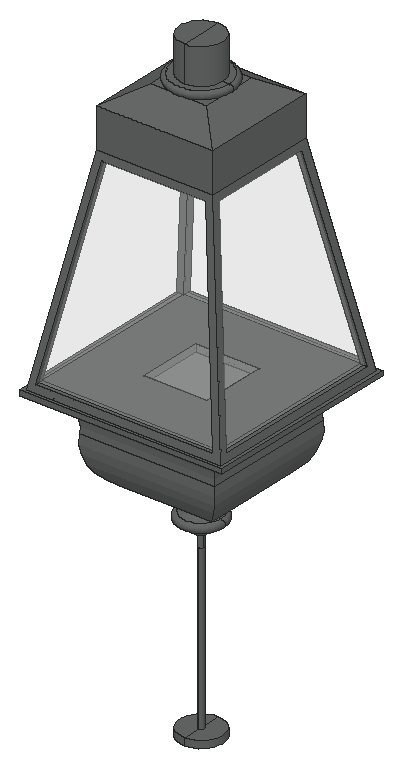
Revit family "TRA30-PM", category Lighting Fixtures, host Face, Revit 2021
Family settings
  Host = Face
  Round Connector Dimension = Use Diameter
  Part Type = Normal
  OmniClass Number = 23.80.70.11
  OmniClass Title = Luminaries for Internal Lighting
  Cut with Voids When Loaded = No
  Light Source = Yes
  Shared = No
  Room Calculation Point = No
Parameters (values of type "TRA30")
  Wattage Comments = "55-136 W"
  Wattage = 136 W
  built-in parameter 1150110 = 1 (stored number, unit not read)
  Voltage = 120 V
  URL = "https://www.currentlighting.com/beacon"
  built-in parameter 1114217 = 1 (stored number, unit not read)
  Tilt Angle = 90.00°
  built-in parameter 1150109 = 1 (stored number, unit not read)
  built-in parameter 1150134 = 3
  built-in parameter 1150113 = 1 (stored number, unit not read)
  Product Page URL = ""
  Product Documentation Link = ""
  Photometric Web File = "TRA30-AC-60NB-136-5K-UNV-DIR5.ies"
  Mounting Height [instance] = 12.000"
  Model = "Traditional-PM"  # constant formula
  Manufacturer = "Beacon Products"  # constant formula
  built-in parameter 1150105 = 1607.6 (stored number, unit not read)
  Lumens = 20201.7 lm
  built-in parameter 1150115 = 1 (stored number, unit not read)
  built-in parameter 1150137 = (empty or 0)
  built-in parameter 1150139 = (empty or 0)
  Light Bulb Material = Glass
  built-in parameter 1150112 = 1 (stored number, unit not read)
  built-in parameter 1150114 = 1 (stored number, unit not read)
  Lamp = "LED Array"
  built-in parameter 1150132 = (empty or 0)
  built-in parameter 1150102 = (empty or 0)
  built-in parameter 1150107 = 3200 (stored number, unit not read)
  built-in parameter 1150138 = (empty or 0)
  built-in parameter 1150106 = 16.076 (stored number, unit not read)
  Finish = Paint - Basic Black Textured
  Emit from Rectangle Width = 4.000"  # constant formula
  Emit from Rectangle Length = 4.000"  # constant formula
  Emit Shape Visible in Rendering = no
  built-in parameter 1150104 = 13.8 (stored number, unit not read)
  Dimming Lamp Color Temperature Shift = <None>
  Description = "30 Inch Traditional Luminaire"  # constant formula
  Default Elevation = 48.000"
  Color Filter = 16777215
  built-in parameter 1114218 = 1 (stored number, unit not read)
  built-in parameter 1150133 = 10 (stored number, unit not read)
  Apparent Load = 0 VA
Reference planes (in)
  plane 1 "Center (Front/Back)": y = 0.03999
  plane 2: z = 0
  plane 3 "Center (Left/Right)": x = 0.00649
  plane 4: z = 12
  plane 5: y = 1.53999
  plane 6: y = -1.46001
  plane 7: z = 44.5
  plane 8: z = 42
  plane 9: y = -0.16001
  plane 10: z = 0.5
  plane 11: z = 23
Forms (in)
  Revolve 1, solid, material "Paint - Basic Black Textured" <- "Finish"
    sketch origin (0.00649, 0, 0) x (0, 1, 0) y (0, 0, 1)
      loop
        line (0.03999, 12) -> (-0.16001, 12) -> (-0.16001, 0.5) -> (-1.46001, 0.5) -> (-1.46001, 0) -> (0.03999, 0) -> (0.03999, 0.5) -> (0.03999, 12)
      loop
        line (0.03999, 44.5) -> (-1.46001, 44.5) -> (-1.46001, 42) -> (0.03999, 42) -> (0.03999, 44.5)
      axis (0.03999, 44.5) -> (0.03999, 0)
    angle from 0 to 360
Dimensions and locks (in)
  host sketch curve to plane 1 "Center (Front/Back)" to host sketch curve = 48.03999", 47.96001"
  host sketch curve to plane 3 "Center (Left/Right)" to host sketch curve = 48.00649", 47.99351"
  "Mounting Height": plane 4 to plane 2
  equal spacing: plane 5, plane 1 "Center (Front/Back)", plane 6
  locked: plane 5 to plane 1 "Center (Front/Back)" at 1.5
  locked: plane 7 to plane 4 at 32.5
  locked: plane 7 to plane 8 at 2.5
  locked: plane 10 to plane 2 at 0.5
  locked: plane 1 "Center (Front/Back)" to plane 9 at 0.2
  locked: plane 11 to plane 4 at 11
  aligned and locked: plane 2 to host face
  aligned and locked: level to host face
  aligned and locked: plane 1 "Center (Front/Back)" to Revolve 1 sketch curve
  aligned and locked: plane 4 to Revolve 1 sketch curve
  aligned and locked: Revolve 1 sketch curve to plane 1 "Center (Front/Back)"  (x2)
  aligned and locked: plane 9 to Revolve 1 sketch curve
  aligned and locked: Revolve 1 sketch curve to Revolve 1 sketch curve
  aligned and locked: Revolve 1 sketch curve to level
  aligned and locked: plane 6 to Revolve 1 sketch curve  (x2)
  aligned and locked: plane 7 to Revolve 1 sketch curve
  aligned and locked: Revolve 1 sketch curve to plane 8
  aligned and locked: plane 1 "Center (Front/Back)" to nested 1
  aligned and locked: plane 3 "Center (Left/Right)" to nested 1
  aligned and locked: plane 3 "Center (Left/Right)" to imposter light
  aligned and locked: plane 11 to nested 1
  aligned and locked: imposter light to plane 1 "Center (Front/Back)"
  aligned and locked: nested 1 to plane 11
  aligned and locked: plane 11 to imposter light
Automatic sketch dimensions
  Revolve 1 sketch curve to plane 10 = 0.000"  (x2)
  plane 4 to Revolve 1 sketch curve = 2.000"
  plane 7 to Revolve 1 sketch curve = 25.000"
Nested families (in)
  nested 1: "Traditional" at (0.04648, 0.04648, 42) x (0, -1, 0) z (0, 0, -1), Finish <- "Finish", type "Traditional"
    with Finish Paint - Basic Black Textured
Connectors (in)
  electrical at (0, 0, 0), driven by "Voltage", driven by "Description"
    settings: on host face, index 1, voltage 120 V, apparent load 0 VA, apparent load phase1 0 VA, apparent load phase2 0 VA, apparent load phase3 0 VA, power factor 1, load classification "Other", number of poles 1, system type 30, power factor state 1, is connector primary yes, connector utility no, sub classification motor no, connector description "30 Inch Traditional Luminaire"
Definition of nested family "Traditional"
  Parameters
    Wattage Comments = "55 W"
    Voltage = 120 V
    URL = "http://www.beaconproducts.com/"
    Product Page URL = "http://www.beaconproducts.com/products/tivoli"
    Product Documentation Link = "http://www.beaconproducts.com/content/products/specs/specs_files/TIV_37_LED_spec_sheet.pdf"
    Model = "Tivoli"  # constant formula
    Manufacturer Phone = "(800)-345-4928"  # constant formula
    Manufacturer Fax = "(941)-751-5535"  # constant formula
    Manufacturer = "Beacon Lighting"  # constant formula
    Light Bulb Material = none
    Lamp = "LED Lamp"
    Finish [instance] = none
    Description = "OpenÊorÊlensedÊbottomÊavailableÊwhenÊconfiguredÊpendantÊoption,ÊconsultÊ\r\nfactory"  # constant formula
    Default Elevation = 48.000"
    Apparent Load = 0 VA
  Reference planes (in)
    plane 1 "Center (Front/Back)": y = 0.03999
    plane 2: z = 0
    plane 3 "Center (Left/Right)": x = 0.00649
    plane 4: z = 0
    plane 5: z = 32.5
    plane 6: z = 3
    plane 7: z = 23.5
    plane 8: z = 8
    plane 9: x = -7.11851
    plane 10: x = 7.13149
    plane 11: y = 7.16499
    plane 12: y = -7.08501
    plane 13: z = 30
    plane 14: z = 19
  Forms (in)
    Extrusion 1, solid
      sketch origin (0, 0, 0.06357) x (1, 0, 0) y (0, 1, 0)
        loop
          line (-48, 48) -> (-48, -48) -> (48, -48) -> (48, 48) -> (-48, 48)
      from -0.06357 to -17.74365
    Sweep 2, solid, material <- "Finish"
      path origin (0, 0, 0) x (1, 0, 0) y (0, 1, 0)
        loop
          line (-7.11851, 7.16499) -> (-7.11851, -7.08501) -> (7.13149, -7.08501) -> (7.13149, 7.16499) -> (-7.11851, 7.16499)
      profile origin (0.00649, 7.16499, 0) x (0, 1, 0) y (0, 0, 1)
        loop
          line (-5.13216, 0.5) -> (-3.02272, 1.69933) -> (-3.02272, 4.5) -> (-0.25, 19.5) -> (0, 19.5) -> (0, 19.82595)
          arc (0, 19.82595) -> (-1.80708, 20.60847) -> (-2.35428, 22.50014) r 2.31025
          arc (-2.35428, 22.50014) -> (-2.95257, 25.00112) -> (-5.14626, 26.34297) r 3.35333
          line (-5.14626, 26.34297) -> (-5.59406, 26.34297) -> (-5.59406, 26.5) -> (-6.02272, 26.5) -> (-6.02272, 0.5) -> (-5.13216, 0.5)
    Extrusion 3, solid, material <- "Finish"
      sketch origin (0, 0, 0) x (1, 0, 0) y (0, 1, 0)
        loop
          line (-1.09579, 1.14227) -> (-1.09579, -1.06229) -> (1.10877, -1.06229) -> (1.10877, 1.14227) -> (-1.09579, 1.14227)
      from 0.5 to 26.5
    Revolve 4, solid, material <- "Finish"
      sketch origin (0.00649, 0, 0) x (0, 1, 0) y (0, 0, 1)
        loop
          line (2.03283, 0.5) -> (0.03999, 0.5) -> (0.03999, 0) -> (2.03283, 0)
          arc (2.03283, 0) -> (2.28283, 0.25) -> (2.03283, 0.5) r 0.25
        axis (0.03999, 0.5) -> (0.03999, 0)
      angle from 0 to 360
    Revolve 5, solid, material <- "Finish"
      sketch origin (0.00649, 0, 0) x (0, 1, 0) y (0, 0, 1)
        loop
          line (1.57094, 26.5) -> (1.57094, 26.80653) -> (1.41766, 26.80653)
          arc (1.41766, 26.80653) -> (0.91766, 27.30653) -> (1.41766, 27.80653) r 0.5
          arc (1.41766, 27.80653) -> (1.69898, 28.08784) -> (1.41766, 28.36916) r 0.28131
          line (1.41766, 28.36916) -> (1.16766, 28.36916) -> (0.45074, 29.08608) -> (0.23974, 29.08608) -> (0.23974, 30) -> (0.03999, 30) -> (0.03999, 26.5) -> (1.57094, 26.5)
        axis (0.03999, 30) -> (0.03999, 26.5)
      angle from 0 to 360
    Extrusion 6, void
      sketch origin (0.00649, 0, 0) x (0, 1, 0) y (0, 0, 1)
        loop
          line (6.3141, 19) -> (-6.23411, 19) -> (-3.64624, 5) -> (3.72622, 5) -> (6.3141, 19)
      from -7.125 to 7.125
    Extrusion 7, void
      sketch origin (0, 0.03999, 0) x (1, 0, 0) y (0, 0, 1)
        loop
          line (6.28059, 19) -> (-6.26762, 19) -> (-3.67974, 5) -> (3.69272, 5) -> (6.28059, 19)
      from -7.125 to 7.125
    Sweep 8, solid, material <- "Light Bulb Material"
      path origin (0, 0, 0) x (1, 0, 0) y (0, 1, 0)
        loop
          line (-7.11851, 7.16499) -> (-7.11851, -7.08501) -> (7.13149, -7.08501) -> (7.13149, 7.16499) -> (-7.11851, 7.16499)
      profile origin (0.00649, 7.16499, 0) x (0, 1, 0) y (0, 0, 1)
        loop
          line (-3.43877, 5) -> (-3.18453, 5) -> (-0.59666, 19) -> (-0.85089, 19) -> (-3.43877, 5)
    Extrusion 9, void
      sketch origin (0, 0, 0) x (1, 0, 0) y (0, 1, 0)
        loop
          line (-2.32619, 2.29715) -> (-2.32619, -2.20285) -> (2.31901, -2.20285) -> (2.31901, 2.29715) -> (-2.32619, 2.29715)
      from 19 to 19.5
    Extrusion 10, solid, material <- "Light Bulb Material"
      sketch origin (0, 0, 0) x (1, 0, 0) y (0, 1, 0)
        loop
          line (-2.32619, 2.29715) -> (-2.32619, -2.20285) -> (2.31901, -2.20285) -> (2.31901, 2.29715) -> (-2.32619, 2.29715)
      from 19.33574 to 19
  Cuts and joins
    Extrusion 6, Extrusion 7, Extrusion 9 cuts Sweep 2
    Extrusion 6, Extrusion 7, Extrusion 9 cuts Extrusion 3
    Extrusion 6, Extrusion 7, Extrusion 9 cuts Revolve 4
    Extrusion 6, Extrusion 7, Extrusion 9 cuts Revolve 5
    joined: Sweep 2, Extrusion 3, Revolve 4, Revolve 5
  Lines and regions (in)
    reference lines
      curve 1: line (0.00649, 22.91499, 19) -> (0.00649, -22.08501, 19)
  Dimensions and locks (in)
    Extrusion 1 sketch curve to plane 1 "Center (Front/Back)" to Extrusion 1 sketch curve = 48.03999", 47.96001"
    Extrusion 1 sketch curve to plane 3 "Center (Left/Right)" to Extrusion 1 sketch curve = 48.00649", 47.99351"
    locked: plane 6 to plane 4 at 3
    locked: plane 5 to plane 7 at 9
    locked: plane 5 to plane 4 at 32.5
    locked: plane 8 to plane 6 at 5
    equal spacing: plane 11, plane 1 "Center (Front/Back)", plane 12
    locked: plane 1 "Center (Front/Back)" to plane 12 at 7.125
    equal spacing: plane 9, plane 3 "Center (Left/Right)", plane 10
    plane 9 to plane 10 = 14.250"
    locked: plane 9 to plane 3 "Center (Left/Right)" at 7.125
    locked: plane 5 to plane 13 at 2.5
    aligned and locked: plane 2 to Extrusion 1
    aligned and locked: level to Extrusion 1
    aligned and locked: level to plane 4
    aligned and locked: Sweep 2 sketch curve to plane 11
    aligned and locked: plane 9 to Sweep 2 sketch curve
    aligned and locked: plane 12 to Sweep 2 sketch curve
    aligned and locked: Sweep 2 sketch curve to plane 10
    aligned and locked: Extrusion 3 sketch curve to Sweep 2  (x4)
    aligned and locked: plane 1 "Center (Front/Back)" to Revolve 4 sketch curve
    aligned and locked: cut or joined group of Sweep 2, Extrusion 3, Revolve 4, Revolve 5, Extrusion 6, Extrusion 7, Extrusion 9 to Extrusion 3
    aligned and locked: plane 1 "Center (Front/Back)" to Revolve 5 sketch curve
    aligned and locked: Extrusion 6 to plane 9
    aligned and locked: plane 10 to Extrusion 6
    aligned and locked: plane 11 to Extrusion 7
    aligned and locked: Extrusion 7 to plane 12
    aligned and locked: Sweep 8 sketch curve to cut or joined group of Sweep 2, Extrusion 3, Revolve 4, Revolve 5, Extrusion 6, Extrusion 7, Extrusion 9  (x6)
    aligned and locked: cut or joined group of Sweep 2, Extrusion 3, Revolve 4, Revolve 5, Extrusion 6, Extrusion 7, Extrusion 9 to Sweep 8 sketch curve
    aligned and locked: Extrusion 9 to Sweep 2
    aligned and locked: Extrusion 9 to Extrusion 6
    aligned and locked: cut or joined group of Sweep 2, Extrusion 3, Revolve 4, Revolve 5, Extrusion 6, Extrusion 7, Extrusion 9 to Extrusion 10
    aligned and locked: plane 14 to cut or joined group of Sweep 2, Extrusion 3, Revolve 4, Revolve 5, Extrusion 6, Extrusion 7, Extrusion 9
    aligned and locked: curve 1 to plane 14
  Automatic sketch dimensions
    Revolve 4 sketch curve to plane 1 "Center (Front/Back)" = 0.000"
    Revolve 4 sketch curve to level = 0.000"
    level to Revolve 4 sketch curve = 0.500"
    Revolve 4 sketch curve to Revolve 4 sketch curve = 1.99284"
    plane 6 to Revolve 4 sketch curve = 1.44723"
    Revolve 4 sketch curve to Revolve 4 sketch curve = 1.500"
    Sweep 2 sketch curve to profile plane = 0.000"
    profile plane to Sweep 2 sketch curve = 0.07306"
    Sweep 2 sketch curve to Sweep 2 sketch curve = 0.250"
    Sweep 2 sketch curve to Sweep 2 sketch curve = 2.28122"
    Sweep 2 sketch curve to Sweep 2 sketch curve = 0.000"
    profile plane to Sweep 2 sketch curve = 3.02272"
    level to Sweep 2 sketch curve = 0.500"
    Sweep 2 sketch curve to Sweep 2 sketch curve = 2.10944"
    Sweep 2 sketch curve to Sweep 2 sketch curve = 2.79198"
    Sweep 2 sketch curve to Sweep 2 sketch curve = 0.4478"
    Sweep 2 sketch curve to Sweep 2 sketch curve = 0.07141"
    Sweep 2 sketch curve to Sweep 2 sketch curve = 0.42867"
    level to Sweep 2 sketch curve = 1.69933"
    Sweep 2 sketch curve to Sweep 2 sketch curve = 2.80067"
    Sweep 2 sketch curve to Sweep 2 sketch curve = 15.000"
    Sweep 2 sketch curve to Sweep 2 sketch curve = 0.32595"
    Sweep 2 sketch curve to Sweep 2 sketch curve = 2.3091"
    Sweep 2 sketch curve to Sweep 2 sketch curve = 0.15703"
    Revolve 5 sketch curve to plane 1 "Center (Front/Back)" = 0.000"
    Revolve 5 sketch curve to plane 13 = 0.000"
    Revolve 5 sketch curve to plane 1 "Center (Front/Back)" = 0.19975"
    Revolve 5 sketch curve to Revolve 5 sketch curve = 0.21099"
    Revolve 5 sketch curve to Revolve 5 sketch curve = 0.71693"  (x2)
    Revolve 5 sketch curve to Revolve 5 sketch curve = 0.250"
    Revolve 5 sketch curve to Revolve 5 sketch curve = 0.15327"
    Revolve 5 sketch curve to plane 13 = 0.91392"
    Revolve 5 sketch curve to Revolve 5 sketch curve = 0.28131"
    Revolve 5 sketch curve to Revolve 5 sketch curve = 0.000"
    Revolve 5 sketch curve to Revolve 5 sketch curve = 0.500"
    Revolve 5 sketch curve to Revolve 5 sketch curve = 0.30653"
    Revolve 5 sketch curve to plane 7 = 2.750"
    plane 5 to Revolve 5 sketch curve = 1.500"
    plane 12 to Extrusion 6 sketch curve = 0.85089"
    plane 12 to Extrusion 6 sketch curve = 3.43877"
    Extrusion 6 sketch curve to plane 11 = 3.43877"
    Extrusion 6 sketch curve to plane 11 = 0.85089"
    plane 6 to Extrusion 6 sketch curve = 2.000"
    Extrusion 6 sketch curve to plane 7 = 4.500"
    Extrusion 7 sketch curve to plane 10 = 0.85089"
    plane 6 to Extrusion 7 sketch curve = 2.000"
    plane 9 to Extrusion 7 sketch curve = 3.43877"
    plane 9 to Extrusion 7 sketch curve = 0.85089"
    Extrusion 7 sketch curve to plane 7 = 4.500"
    Extrusion 7 sketch curve to plane 10 = 3.43877"
    Sweep 8 sketch curve to Sweep 8 sketch curve = 0.25424"  (x2)
    Extrusion 9 sketch curve to plane 3 "Center (Left/Right)" = 2.33267"
    plane 1 "Center (Front/Back)" to Extrusion 9 sketch curve = 2.24284"
    Extrusion 9 sketch curve to plane 1 "Center (Front/Back)" = 2.25716"
    plane 3 "Center (Left/Right)" to Extrusion 9 sketch curve = 2.31252"
    Extrusion 10 sketch curve to plane 3 "Center (Left/Right)" = 2.33267"
    plane 3 "Center (Left/Right)" to Extrusion 10 sketch curve = 2.31252"
    plane 1 "Center (Front/Back)" to Extrusion 10 sketch curve = 2.24284"
    Extrusion 10 sketch curve to plane 1 "Center (Front/Back)" = 2.25716"
    curve 1 to plane 12 = 15.000"
    plane 11 to curve 1 = 15.750"
